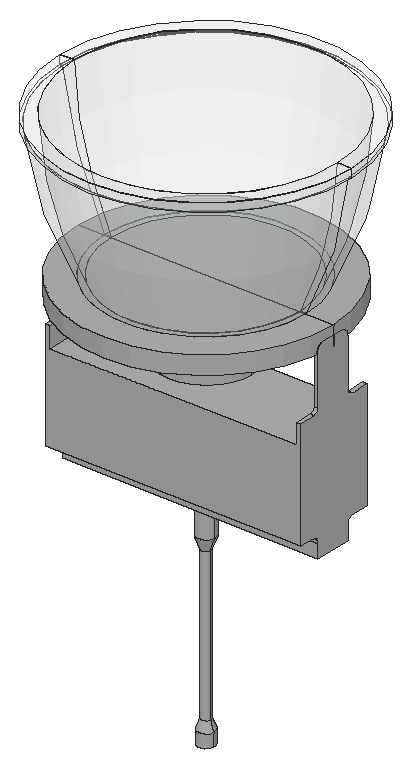
Revit family "UTB2", category Lighting Fixtures, host Face, Revit 2021
Family settings
  Host = Face
  Round Connector Dimension = Use Diameter
  Part Type = Normal
  OmniClass Number = 23.80.70.11
  OmniClass Title = Luminaries for Internal Lighting
  Cut with Voids When Loaded = No
  Light Source = Yes
  Shared = No
  Room Calculation Point = No
Parameters (values of type "UTB2")
  Wattage Comments = "255 W/ 167 W"  # constant formula
  Wattage = 168 W
  Watt = 255 W
  Warranty = "Five year warranty (Terms and Conditions Apply)"  # constant formula
  built-in parameter 1150110 = 1 (stored number, unit not read)
  Voltage [instance] = 120 V
  URL = "https://www.currentlighting.com/columbia"
  built-in parameter 1114217 = 1 (stored number, unit not read)
  Tilt Angle = -90.00°
  built-in parameter 1150109 = 1 (stored number, unit not read)
  built-in parameter 1150134 = 12
  built-in parameter 1150113 = 1 (stored number, unit not read)
  Reflector Finish = White Glass
  Product Page URL = ""
  Product Material = Paint - White Texture
  Product Documentation Link = ""
  Photometric Web File = "UTB2-8-30- MH-WW-X-N-N-YY-CGS.ies"
  Pendant Length [instance] = 12.000"
  Model = "UTB2"  # constant formula
  Manufacturer = "Columbia Lighting"  # constant formula
  built-in parameter 1150105 = 2272.7 (stored number, unit not read)
  Lumens = 28560 lm
  built-in parameter 1150115 = 1 (stored number, unit not read)
  Load Classification = Lighting
  built-in parameter 1150137 = (empty or 0)
  built-in parameter 1150139 = (empty or 0)
  built-in parameter 1150112 = 1 (stored number, unit not read)
  built-in parameter 1150114 = 1 (stored number, unit not read)
  Lamp = "LED"
  built-in parameter 1150132 = (empty or 0)
  built-in parameter 1150102 = (empty or 0)
  built-in parameter 1150107 = 4000 (stored number, unit not read)
  built-in parameter 1150138 = (empty or 0)
  built-in parameter 1150106 = 22.727 (stored number, unit not read)
  Features = "Available in a high output version (24,000 lumens), a medium output version (18,000 lumens) and a low output version (12,000 lumens)\r\nEfficacy up to 170 lm/W\r\nNX Distributed Intelligence™ wired and wireless control capability available\r\nFive reflector options to meet any lighting need\r\nThree optional lenses to meet your shielding needs\r\nLight weight construction for easy installation\r\nSymmetrical design for consistent installed results"  # constant formula
  built-in parameter 1150129 = 12.000"  # constant formula
  Emit Shape Visible in Rendering = no
  built-in parameter 1150104 = 15.794 (stored number, unit not read)
  Dimming Lamp Color Temperature Shift = <None>
  Description = "Utilibay™ High Bay"  # constant formula
  Default Elevation = 48.000"
  Connector Description = "Lighting Connector"  # constant formula
  Color Filter = 16777215
  Certificate = "CSA certified to UL1598 for Damp Location and UL924"  # constant formula
  Bracket material = Paint -   Black
  Emit from Circle Diameter = 12.000"
  built-in parameter 1150133 = 10 (stored number, unit not read)
  Apparent Load = 25 VA
Reference planes (in)
  plane 1 "Center (Front/Back)": y = 0
  plane 2: z = 0
  plane 3 "Center (Left/Right)": x = 0
  plane 4: z = 12
  plane 5: z = 10.25
  plane 6: z = 24
Forms (in)
  Revolve 1, solid, material "Paint - White Texture" <- "Product Material"
    sketch origin (0, 0, 0) x (1, 0, 0) y (0, 0, 1)
      loop
        line (0, 0) -> (0.45003, 0) -> (0.45003, 0.70043) -> (0.25, 1.25) -> (0.25, 9.56699) -> (0.5, 10.25) -> (0.5, 12) -> (0, 12) -> (0, 0)
      axis (0, 0) -> (0, 12)
    angle from 0 to 360
Dimensions and locks (in)
  "Pendant Length": plane 4 to host face
  plane 4 to plane 5 = 1.750"
  locked: Revolve 1 sketch curve to Revolve 1 sketch curve at 0.25
  locked: plane 6 to plane 4 at 12
  aligned and locked: host face to plane 2
  aligned and locked: level to host face
  aligned and locked: Revolve 1 sketch curve to plane 3 "Center (Left/Right)"
  aligned and locked: Revolve 1 sketch curve to host face
  aligned and locked: plane 3 "Center (Left/Right)" to Revolve 1 sketch curve
  aligned and locked: plane 4 to Revolve 1
  aligned and locked: plane 3 "Center (Left/Right)" to nested 1
  aligned and locked: plane 1 "Center (Front/Back)" to nested 1
  aligned and locked: plane 6 to imposter light
  aligned and locked: plane 3 "Center (Left/Right)" to imposter light
  aligned and locked: imposter light to plane 1 "Center (Front/Back)"
Automatic sketch dimensions
  host sketch curve to host sketch curve = 96.000"  (x2)
  Revolve 1 sketch curve to plane 4 = 0.000"
  Revolve 1 sketch curve to plane 5 = 0.000"
  plane 3 "Center (Left/Right)" to Revolve 1 sketch curve = 0.45003"
  plane 3 "Center (Left/Right)" to Revolve 1 sketch curve = 0.500"
  Revolve 1 sketch curve to level = 4.500"
  Revolve 1 sketch curve to Revolve 1 sketch curve = 14.000"
  Revolve 1 sketch curve to Revolve 1 sketch curve = 0.70043"
  Revolve 1 sketch curve to Revolve 1 sketch curve = 0.54957"
  Revolve 1 sketch curve to plane 5 = 0.68301"
Nested families (in)
  nested 1: "UTB Retrofit" at (0, 0, 12), Product Material <- "Product Material", Bracket Material <- "Bracket material", type "UTB"
    with Width 4.500", Reflector Finish White Glass, Product Material Paint - White Texture, Pendent Height 0.000", Length 17.000", Height 3.000", Bracket Material Paint -   Black
Connectors (in)
  electrical at (0, 0, 12), driven by "Voltage", driven by "Apparent Load", driven by "Load Classification"
    settings: on Revolve 1, index 1, voltage 120 V, apparent load 25 VA, apparent load phase1 0 VA, apparent load phase2 0 VA, apparent load phase3 0 VA, power factor 1, load classification "Lighting", number of poles 1, system type 30, power factor state 1, is connector primary yes, connector utility no, sub classification motor no, connector description "Lighting Connector"
Definition of nested family "UTB Retrofit"
  Parameters
    Width [instance] = 5.000"
    Wattage Comments = "17"
    Voltage = if(Is 120V, 120 V, 277 V)  # 120 V
    URL = "http://www.columbialighting.com/"
    Reflector Finish [instance] = none
    Product Page URL = "http://www.columbialighting.com/products/uc"
    Product Material [instance] = none
    Product Documentation Link = "http://cdn.columbialighting.com/content/products/specs/specs_files/uc.pdf"
    Pendent Height [instance] = 0.000"
    Bracket Material [instance] = none
    Model = "6-L-P-D"  # constant formula
    Manufacturer Phone = "781-294-0100"  # constant formula
    Manufacturer Fax = "781-293-2849"  # constant formula
    Manufacturer = "LITECONTROL"  # constant formula
    Load Classification = none
    Length [instance] = 17.000"
    Lamp = "24\" T8 Lamp"
    Is 277V = not(Is 120V)  # no
    Is 120V = yes
    Height [instance] = 3.000"
    Frequency = 60 Hz  # constant formula
    Description = "The MOD™x family is an affordably-priced, full-featured offering with best-in-class attention to detail."  # constant formula
    Default Elevation = 48.000"
    Connector Description = "Lighting Connector"  # constant formula
    Apparent Load = 25 VA
  Reference planes (in)
    plane 1 "Center (Front/Back)": y = 0
    plane 2: z = 0
    plane 3 "Center (Left/Right)": x = 0
    plane 4: x = -8.5
    plane 5: x = 8.5
    plane 6: x = -8.25
    plane 7: x = 8.25
    plane 8: y = -2.5
    plane 9: y = 2.5
    plane 10: x = 8
    plane 11: x = -8
    plane 12: z = 19
    plane 13: z = 6
    plane 14: x = -7.5
    plane 15: x = 7.5
    plane 16: z = 18.5
    plane 17: z = 2
    plane 18: z = 11
    plane 19: y = -2.35
    plane 20: y = 2.35
    plane 21: z = 10
  Forms (in)
    Extrusion 1, solid
      sketch origin (0, 0, 0) x (1, 0, 0) y (0, 1, 0)
        loop
          line (-48, 48) -> (-48, -48) -> (48, -48) -> (48, 48) -> (-48, 48)
      from 0 to -2.25
    Revolve 2, solid, material <- "Reflector Finish"
      sketch origin (0, 0, 0) x (1, 0, 0) y (0, 0, 1)
        loop
          line (-8, 19) -> (-8, 18.5) -> (-7.8451, 18.5)
          arc (-7.8451, 18.5) -> (-7.05586, 14.6426) -> (-5.52572, 11.01477) r 19.9864
          line (-5.52572, 11.01477) -> (-5.169, 11.01477)
          arc (-5.169, 11.01477) -> (-6.61534, 14.8977) -> (-7.19862, 19) r 19.28004
          line (-7.19862, 19) -> (-8, 19)
        axis (0, 19) -> (0, 11.01477)
      angle from 0 to 360
    Extrusion 3, solid, material <- "Product Material"
      sketch origin (0, 0, 2) x (0, 1, 0) y (0, 0, 1)
        loop
          line (-2.5, 5.125) -> (-2.5, -0.875) -> (-1.45842, -0.875)
          arc (-1.45842, -0.875) -> (-1.18286, -0.98914) -> (-1.06872, -1.2647) r 0.3897
          line (-1.06872, -1.2647) -> (-1.06872, -2) -> (0.93128, -2) -> (0.93128, -1.19834)
          arc (0.93128, -1.19834) -> (1.02599, -0.9697) -> (1.25462, -0.875) r 0.32334
          line (1.25462, -0.875) -> (2.5, -0.875) -> (2.5, 5.125) -> (1.27135, 5.125)
          arc (1.27135, 5.125) -> (1.03089, 5.2246) -> (0.93128, 5.46507) r 0.34007
          line (0.93128, 5.46507) -> (0.93128, 8.06932)
          arc (0.93128, 8.06932) -> (0.80514, 8.37386) -> (0.50061, 8.5) r 0.43068
          line (0.50061, 8.5) -> (-0.68897, 8.5)
          arc (-0.68897, 8.5) -> (-0.95749, 8.38877) -> (-1.06872, 8.12025) r 0.37975
          line (-1.06872, 8.12025) -> (-1.06872, 5.375)
          arc (-1.06872, 5.375) -> (-1.14194, 5.19822) -> (-1.31872, 5.125) r 0.25
          line (-1.31872, 5.125) -> (-2.5, 5.125)
      from -7 to 7
    Extrusion 4, void
      sketch origin (0, 0, 0) x (1, 0, 0) y (0, 0, 1)
        loop
          line (6.79503, 6) -> (6.79503, 9.98719) -> (-6.74337, 9.98719) -> (-6.74337, 6) -> (6.79503, 6)
      from -2.5 to 2.5
    Revolve 5, solid, material <- "Product Material"
      sketch origin (0, 0, 0) x (1, 0, 0) y (0, 0, 1)
        loop
          line (-0.5, 6) -> (0, 6) -> (0, 11) -> (-7, 11) -> (-7, 9.98719) -> (-2.5, 9.98719) -> (-2.5, 6.97897) -> (-0.5, 6.97897) -> (-0.5, 6.87939) -> (-0.45243, 6.87939) -> (-0.45243, 6.06766) -> (-0.5, 6.06766) -> (-0.5, 6)
        axis (0, 6) -> (0, 11)
      angle from 0 to 360
  Cuts and joins
    Extrusion 4 cuts Extrusion 3
  Dimensions and locks (in)
    equal spacing: plane 4, plane 3 "Center (Left/Right)", plane 5
    "Length": plane 4 to plane 5
    locked: plane 4 to plane 6 at 0.25
    locked: plane 7 to plane 5 at 0.25
    equal spacing: plane 8, plane 1 "Center (Front/Back)", plane 9  (x2)
    "Width": plane 9 to plane 8
    locked: plane 4 to plane 11 at 0.5
    locked: plane 10 to plane 5 at 0.5
    plane 10 to plane 11 = 16.000"
    plane 16 to Extrusion 1 = 18.500"
    plane 12 to Extrusion 1 = 19.000"
    plane 3 "Center (Left/Right)" to plane 14 = 7.500"
    plane 3 "Center (Left/Right)" to plane 11 = 8.000"
    locked: plane 9 to plane 20 at 0.15
    plane 8 to plane 9 = 5.000"
    plane 12 to plane 2 = 19.000"
    plane 12 to plane 18 = 8.000"
    plane 18 to Extrusion 1 = 11.000"
    aligned and locked: plane 2 to Extrusion 1
    aligned and locked: level to Extrusion 1
  Automatic sketch dimensions
    Extrusion 1 sketch curve to Extrusion 1 sketch curve = 96.000"  (x2)
    Revolve 2 sketch curve to plane 11 = 0.000"
    Revolve 2 sketch curve to plane 16 = 0.000"
    Revolve 2 sketch curve to plane 12 = 0.000"
    Revolve 2 sketch curve to plane 3 "Center (Left/Right)" = 0.000"
    Revolve 2 sketch curve to level = 0.000"
    plane 11 to Revolve 2 sketch curve = 0.1549"
    Revolve 2 sketch curve to plane 14 = 0.30138"
    plane 18 to Revolve 2 sketch curve = 0.01477"
    Revolve 2 sketch curve to plane 3 "Center (Left/Right)" = 5.52572"
    Revolve 2 sketch curve to Revolve 2 sketch curve = 0.35672"
    plane 12 to Revolve 2 sketch curve = 1.55813"
    plane 12 to Revolve 2 sketch curve = 0.64714"
    Revolve 2 sketch curve to level = 12.250"
    Extrusion 3 sketch curve to plane 8 = 0.000"
    Extrusion 3 sketch curve to level = 0.000"
    Extrusion 3 sketch curve to plane 9 = 0.000"
    plane 19 to Extrusion 3 sketch curve = 0.89158"
    plane 19 to Extrusion 3 sketch curve = 1.03128"
    Extrusion 3 sketch curve to Extrusion 3 sketch curve = 0.3897"
    plane 21 to Extrusion 3 sketch curve = 0.12025"
    plane 1 "Center (Front/Back)" to Extrusion 3 sketch curve = 1.06872"
    Extrusion 3 sketch curve to plane 18 = 0.500"
    Extrusion 3 sketch curve to plane 1 "Center (Front/Back)" = 0.50061"
    Extrusion 3 sketch curve to plane 1 "Center (Front/Back)" = 0.93128"  (x2)
    Extrusion 3 sketch curve to Extrusion 3 sketch curve = 0.32334"
    Extrusion 3 sketch curve to Extrusion 3 sketch curve = 0.34007"
    Extrusion 3 sketch curve to Extrusion 3 sketch curve = 0.7353"
    Extrusion 3 sketch curve to Extrusion 3 sketch curve = 0.80166"
    plane 13 to Extrusion 3 sketch curve = 1.125"  (x2)
    Extrusion 4 sketch curve to plane 14 = 0.75663"
    Extrusion 4 sketch curve to plane 21 = 0.01281"
    Extrusion 4 sketch curve to plane 15 = 0.70497"
    plane 13 to Extrusion 4 sketch curve = 0.000"
    Revolve 5 sketch curve to plane 18 = 0.000"
    Revolve 5 sketch curve to plane 3 "Center (Left/Right)" = 0.000"  (x2)
    Revolve 5 sketch curve to plane 3 "Center (Left/Right)" = 0.45243"
    Revolve 5 sketch curve to Revolve 5 sketch curve = 0.04757"  (x2)
    Revolve 5 sketch curve to plane 21 = 0.01281"
    Revolve 5 sketch curve to plane 14 = 0.500"
    Revolve 5 sketch curve to Revolve 5 sketch curve = 0.06766"
    Revolve 5 sketch curve to Revolve 5 sketch curve = 0.81173"
    Revolve 5 sketch curve to Revolve 5 sketch curve = 2.000"
    Revolve 5 sketch curve to level = 3.000"
    Revolve 5 sketch curve to Revolve 5 sketch curve = 21.000"
    Revolve 5 sketch curve to Revolve 5 sketch curve = 0.09958"
    Revolve 5 sketch curve to plane 13 = 0.000"
